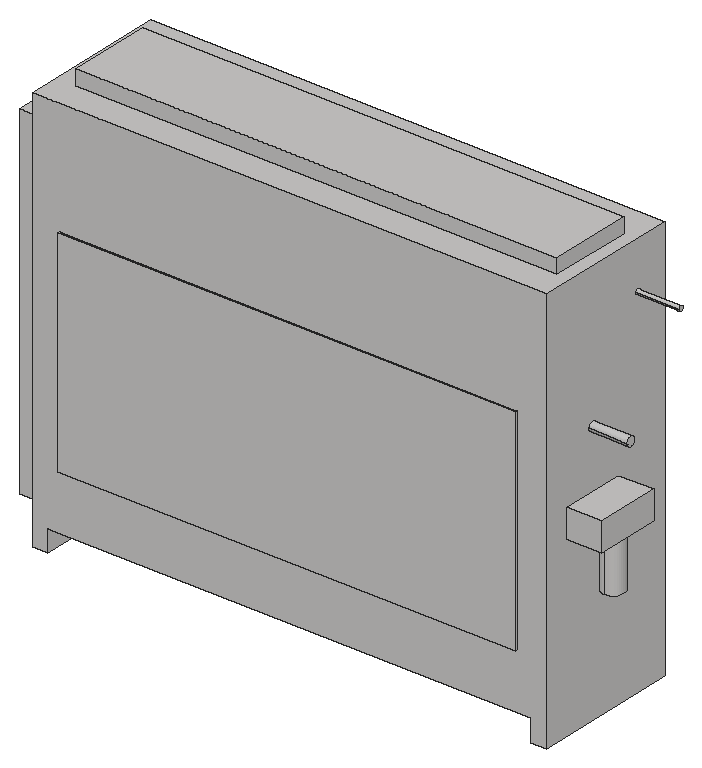
Revit family "Indoor_Unit-VRF-Ductless-JCI-Floor_Concealed-0.5_1.3Ton-208_230V", category Mechanical Equipment, Revit 2013
Parameters (values of type "0.5 Ton - 208V /1PH 60Hz")
  Width = 33 3/8"
  Voltage = 208 V
  URL = "http://www.johnsoncontrols.com"
  Type Comments = "0.5 Ton Unit - 208V"
  Sound Pressure Level = "35 dB"
  Show Clearance [instance] = no
  Refrigerant Used = "R410A"  # constant formula
  Product Page URL = "http://www.johnsoncontrols.com/content/us/en/products/building_efficiency/products-and-systems/integrated_hvac_systems/Industrial___Commercial_HVAC_Equipment/Variable_Refrigerant_Flow_Systems_.html"
  Product Documentation Link = "http://www.johnsoncontrols.com/content/dam/WWW/jci/be/integrated_hvac_systems/hvac_equipment/variable_refrigerant/Catalog%202015%20VRF%20catalog_012115_D_FNL.pdf"
  Power Factor = 1
  Pipe Right Offset Liquid = 3 5/16"  # constant formula
  Pipe Right Offset Gas = 3"  # constant formula
  Pipe Right Offset Drain = 1 1/4"  # constant formula
  Pipe Height Inset Liquid = 20 13/16"  # constant formula
  Pipe Height Inset Gas = 15 1/4"  # constant formula
  Pipe Height Inset Drain = 10 1/4"  # constant formula
  Pipe Front Inset Liquid = 2"  # constant formula
  Pipe Front Inset Gas = 5 1/4"  # constant formula
  Pipe Front Inset Drain = 5 1/4"  # constant formula
  Phase = 1
  Nominal Heating Capacity = 6700.0 Btu/h
  Nominal Cooling Capacity = 6000.0 Btu/h
  Net Weight = 42.00 lbf
  Model = "TIF006B21S"
  Minimum Circuit Ampacity = 0.3 A
  Manufacturer = "Johnson Controls Inc."  # constant formula
  Liquid Line Radius = Liquid Connection Diameter / 2  # 1/8"
  Liquid Connection Diameter = 1/4"
  Height = 24 13/32"
  Heating Nominal Input Power = 0 W
  Gas Line Radius = Gas Connection Diameter / 2  # 1/4"
  Gas Connection Diameter = 1/2"
  Full Load Current = 0 A
  Frequency = 60 Hz  # constant formula
  Frame Finish = Metal - JCI - Steel - Galvanized - 18ga
  Drain Pipe Radius = Drain Connection Size / 2  # 5/8"
  Drain Connection Size = 1 1/4"  # constant formula
  Description = "VRF Indoor Floor Concealed"  # constant formula
  Depth = 8 21/32"
  Copyright © = "2015 Johnson Controls Inc."  # constant formula
  Cooling Nominal Input Power = 0 W
  Condensate Drain Flow = 0 GPM
  Clearance Offset Top [instance] = 39 3/8"
  Clearance Offset Right [instance] = 9 7/16"
  Clearance Offset Left [instance] = 9 7/16"
  Clearance Offset Front [instance] = 0"
  Clearance Offset Bottom [instance] = 0"
  Clearance Offset Back [instance] = 0"
  Apparent Load = Voltage * Full Load Current  # 0 VA
  Air Flow Rate = 300 CFM
Reference planes (in)
  plane 1 "Center (Front/Back)": y = 0
  plane 2: z = 0
  plane 3 "Center (Left/Right)": x = 0.21875
  plane 4 "Back": y = 4.32812
  plane 5 "Front": y = -4.32813
  plane 6 "Left": x = -14.84375
  plane 7 "Right": x = 14.84375
  plane 8 "Bottom": z = 0
  plane 9 "Air Outlet Top": z = 24.40625
  plane 10 "Clearance Offset Back": y = 4.32813
  plane 11 "Clearance Offset Front": y = -4.32813
  plane 12 "Clearance Offset Right": x = 24.28125
  plane 13 "Clearance Offset Left": x = -24.28125
  plane 14 "Clearance Offset Top": z = 63.78125
  plane 15 "Clearance Offset Bottom": z = 0
  plane 16 "Electric Box Back": y = 4.07812
  plane 17 "Liquid F/B": y = 2.32812
  plane 18 "Gas F/B": y = -0.92188
  plane 19 "Drain  F/B": y = -0.92188
  plane 20 "Gas Right": x = 17.09375
  plane 21 "Drain Right": x = 16.09375
  plane 22 "Liquid Right": x = 17.40625
  plane 23 "Gas T/B": z = 15.25
  plane 24 "Drain T": z = 10.25
  plane 25 "Return Air Bottom": z = 4.5
  plane 26 "Liquid T/B": z = 20.8125
  plane 27 "Return Air Top": z = 16.875
  plane 28 "Supply Air Left": x = -13.71875
  plane 29 "Supply Air Right": x = 14.09375
  plane 30 "Air Inlet Bottom": z = 1.8125
  plane 31 "Air Inlet Top": z = 4.0625
  plane 32 "Air Inlet Left": x = -13.28125
  plane 33 "Air Inlet Right": x = 13.15625
  plane 34 "Drain Pan Right": x = 16.90625
  plane 35 "Electric Box Front": y = -3.27021
  plane 36 "Electrical Box Left": x = -16.46875
  plane 37 "Top": z = 23.53125
  plane 38 "Bottom Inset": z = 1.25
  plane 39 "Left Inset": x = -13.96875
  plane 40 "Right Inset": x = 13.96875
  plane 41 "Back Inset": y = 2.32812
  plane 42 "Front Inset": y = -2.48438
  plane 43: y = -4.20313
  plane 44 "Electrical Box Top": z = 21.78125
  plane 45 "Drain B": z = 7.25
Forms (in)
  Extrusion 1, solid, material "Clearance", visible <- "Show Clearance"
    sketch origin (0.66404, -0.08612, 0) x (-1, 0, 0) y (0, -1, 0)
      loop
        line (24.94529, -4.41425) -> (24.94529, 4.242) -> (-23.61721, 4.242) -> (-23.61721, -4.41425) -> (24.94529, -4.41425)
    from 0 to 63.78125
  Extrusion 2, solid, material "Metal - JCI - Steel - Galvanized - 18ga" <- "Frame Finish"
    sketch origin (0, 12.97358, 0) x (1, 0, 0) y (0, 0, 1)
      loop
        line (-14.84375, 23.53125) -> (-14.84375, 0) -> (-13.96875, 0) -> (-13.96875, 1.25) -> (13.96875, 1.25) -> (13.96875, 0) -> (14.84375, 0) -> (14.84375, 23.53125) -> (-14.84375, 23.53125)
    from 8.64545 to 17.1767
  Sweep 3, solid, material "Metal - JCI - Steel - Galvanized - 18ga" <- "Frame Finish"
    path origin (0, 0, 20.8125) x (-1, 0, 0) y (0, -1, 0)
      loop
        line (-14.84375, -2.32812) -> (-17.40625, -2.32812)
    profile origin (16.125, 2.32812, 20.8125) x (0, 1, 0) y (0, 0, 1)
      loop
        circle (0, 0) r 0.125
  Sweep 4, solid, material "Metal - JCI - Steel - Galvanized - 18ga" <- "Frame Finish"
    path origin (0, 0, 15.25) x (-1, 0, 0) y (0, -1, 0)
      loop
        line (-14.84375, 0.92188) -> (-17.09375, 0.92188)
    profile origin (15.96875, -0.92188, 15.25) x (0, 1, 0) y (0, 0, 1)
      loop
        circle (0, 0) r 0.25
  Sweep 5, solid, material "Metal - JCI - Steel - Galvanized - 18ga" <- "Frame Finish"
    path origin (0, 0, 10.25) x (-1, 0, 0) y (0, -1, 0)
      loop
        line (-14.84375, 0.92188) -> (-16.90625, 0.92188)
    profile origin (15.875, -0.92188, 10.25) x (0, 1, 0) y (0, 0, 1)
      loop
        line (-1.875, 1.625) -> (-1.875, 0) -> (1.875, 0) -> (1.875, 1.625) -> (-1.875, 1.625)
  Extrusion 6, solid, material "Metal - JCI - Steel - Galvanized - 18ga" <- "Frame Finish"
    sketch origin (0, 0, 20.8125) x (-1, 0, 0) y (0, -1, 0)
      loop
        line (14.84375, -4.07812) -> (16.34375, -4.07812) -> (16.34375, 3.27021) -> (14.84375, 3.27021) -> (14.84375, -4.07812)
    from -19 to 0.96875
  Extrusion 7, solid, material "Metal - JCI - Steel - Galvanized - 18ga" <- "Frame Finish"
    sketch origin (-1.25, 9.41108, 0) x (1, 0, 0) y (0, 0, 1)
      loop
        line (-12.46875, 24.40625) -> (-12.46875, 23.53125) -> (15.34375, 23.53125) -> (15.34375, 24.40625) -> (-12.46875, 24.40625)
    from 7.08295 to 11.89545
  Extrusion 8, solid, material "Metal - JCI - Steel - Galvanized - 18ga" <- "Frame Finish"
    sketch origin (-2.75, 2.41108, 0) x (1, 0, 0) y (0, 0, 1)
      loop
        line (-10.53125, 16.875) -> (-10.53125, 4.5) -> (15.90625, 4.5) -> (15.90625, 16.875) -> (-10.53125, 16.875)
    from 6.6142 to 6.7392
  Sweep 9, solid, material "Metal - JCI - Steel - Galvanized - 18ga" <- "Frame Finish"
    path origin (0, -0.92188, 0) x (-1, 0, 0) y (0, 0, 1)
      loop
        line (-16.09375, 10.25) -> (-16.09375, 7.25)
    profile origin (16.09375, -0.92188, 8.75) x (0, -1, 0) y (1, 0, 0)
      loop
        circle (0, 0) r 0.625
Lines and regions (in)
  Masking region 1
    outline origin (0, 0, 20.8125) x (-1, 0, 0) y (0, -1, 0)
      loop
        line (14.84375, -4.32812) -> (14.84375, 4.20313) -> (-14.84375, 4.20313) -> (-14.84375, -4.32812) -> (14.84375, -4.32812)
  Masking region 2, detail levels fine
    outline origin (2.25, 0.5, 20.8125) x (-1, 0, 0) y (0, -1, 0)
      loop
        line (-12.59375, -1.95312) -> (-12.59375, -1.70312) -> (-15.15625, -1.70312) -> (-15.15625, -1.95312) -> (-12.59375, -1.95312)
  Masking region 3
    outline origin (8.5, -5.25, 20.8125) x (-1, 0, 0) y (0, -1, 0)
      loop
        line (23.34375, -9.32812) -> (24.84375, -9.32812) -> (24.84375, -1.97979) -> (23.34375, -1.97979) -> (23.34375, -9.32812)
  Masking region 4, detail levels fine
    outline origin (0, 0, 15.25) x (-1, 0, 0) y (0, -1, 0)
      loop
        line (-14.84375, 0.67188) -> (-14.84375, 1.17188) -> (-17.09375, 1.17188) -> (-17.09375, 0.67188) -> (-14.84375, 0.67188)
  Masking region 5
    outline origin (0, 0, 10.25) x (-1, 0, 0) y (0, -1, 0)
      loop
        line (-14.84375, -0.95312) -> (-14.84375, 2.79688) -> (-16.90625, 2.79688) -> (-16.90625, -0.95312) -> (-14.84375, -0.95312)
  model lines, detail levels coarse+medium
    curve 1: line (14.84375, 2.32812, 20.8125) -> (17.40625, 2.32812, 20.8125)
    curve 2: line (14.84375, -0.92188, 15.25) -> (17.09375, -0.92188, 15.25)
  model lines, style "Clearance", visible <- "Show Clearance"
    curve 3: line (24.28125, -4.32813, 63.78125) -> (-24.28125, -4.32813, 63.78125)
    curve 4: line (-24.28125, -4.32813, 63.78125) -> (-24.28125, -4.32813, 0)
    curve 5: line (-24.28125, -4.32813, 0) -> (24.28125, -4.32813, 0)
    curve 6: line (24.28125, -4.32813, 0) -> (24.28125, -4.32813, 63.78125)
    curve 7: line (24.28125, 4.32812, 0) -> (-24.28125, 4.32812, 0)
    curve 8: line (-24.28125, 4.32812, 0) -> (-24.28125, 4.32812, 63.78125)
    curve 9: line (-24.28125, 4.32812, 63.78125) -> (24.28125, 4.32812, 63.78125)
    curve 10: line (24.28125, 4.32812, 63.78125) -> (24.28125, 4.32812, 0)
    curve 11: line (-24.28125, -4.32813, 63.78125) -> (-24.28125, 4.32812, 63.78125)
    curve 12: line (-24.28125, 4.32812, 0) -> (-24.28125, -4.32813, 0)
    curve 13: line (24.28125, 4.32812, 63.78125) -> (24.28125, -4.32813, 63.78125)
    curve 14: line (24.28125, -4.32813, 0) -> (24.28125, 4.32812, 0)
  symbolic lines, detail levels medium+fine
    curve 15: line (-13.71875, 2.32812, 24.40625) -> (14.09375, 2.32812, 24.40625)
    curve 16: line (-13.71875, -2.48438, 24.40625) -> (-13.71875, 2.32812, 24.40625)
    curve 17: line (14.09375, -2.48438, 24.40625) -> (-13.71875, -2.48438, 24.40625)
    curve 18: line (14.09375, 2.32812, 24.40625) -> (14.09375, -2.48438, 24.40625)
Dimensions and locks (in)
  "Width": plane 36 "Electrical Box Left" to plane 34 "Drain Pan Right"
  "Depth": plane 4 "Back" to plane 5 "Front"
  "Height": plane 9 "Air Outlet Top" to plane 8 "Bottom"
  "Clearance Offset Bottom": plane 8 "Bottom" to plane 15 "Clearance Offset Bottom"
  "Clearance Offset Back": plane 10 "Clearance Offset Back" to plane 4 "Back"
  "Clearance Offset Front": plane 11 "Clearance Offset Front" to plane 5 "Front"
  "Clearance Offset Left": plane 13 "Clearance Offset Left" to plane 6 "Left"
  "Clearance Offset Right": plane 7 "Right" to plane 12 "Clearance Offset Right"
  "Clearance Offset Top": plane 14 "Clearance Offset Top" to plane 9 "Air Outlet Top"
  equal spacing: plane 5 "Front", plane 1 "Center (Front/Back)", plane 4 "Back"
  equal spacing: plane 36 "Electrical Box Left", plane 3 "Center (Left/Right)", plane 34 "Drain Pan Right"
  locked: plane 30 "Air Inlet Bottom" to plane 8 "Bottom" at 1.8125
  locked: plane 31 "Air Inlet Top" to plane 30 "Air Inlet Bottom" at 2.25
  locked: plane 27 "Return Air Top" to plane 25 "Return Air Bottom" at 12.375
  "Pipe Right Offset Liquid": plane 29 "Supply Air Right" to plane 22 "Liquid Right"
  "Pipe Right Offset Gas": plane 29 "Supply Air Right" to plane 20 "Gas Right"
  "Pipe Right Offset Drain": plane 7 "Right" to plane 21 "Drain Right"
  "Pipe Front Inset Liquid": plane 17 "Liquid F/B" to plane 4 "Back"
  "Pipe Front Inset Gas": plane 18 "Gas F/B" to plane 4 "Back"
  "Pipe Front Inset Drain": plane 19 "Drain  F/B" to plane 4 "Back"
  "Pipe Height Inset Drain": plane 24 "Drain T" to plane 8 "Bottom"
  "Pipe Height Inset Gas": plane 23 "Gas T/B" to plane 8 "Bottom"
  "Pipe Height Inset Liquid": plane 26 "Liquid T/B" to plane 8 "Bottom"
  locked: plane 7 "Right" to plane 34 "Drain Pan Right" at 2.0625
  locked: plane 35 "Electric Box Front" to plane 16 "Electric Box Back" at 7.34833
  locked: plane 4 "Back" to plane 16 "Electric Box Back" at 0.25
  locked: plane 36 "Electrical Box Left" to plane 6 "Left" at 1.625
  plane 6 "Left" to plane 7 "Right" = 29 11/16"
  locked: plane 9 "Air Outlet Top" to plane 37 "Top" at 0.875
  locked: plane 25 "Return Air Bottom" to plane 8 "Bottom" at 4.5
  locked: plane 38 "Bottom Inset" to plane 8 "Bottom" at 1.25
  locked: plane 6 "Left" to plane 39 "Left Inset" at 0.875
  locked: plane 7 "Right" to plane 40 "Right Inset" at 0.875
  locked: plane 42 "Front Inset" to plane 41 "Back Inset" at 4.8125
  locked: plane 4 "Back" to plane 41 "Back Inset" at 2
  plane 29 "Supply Air Right" to plane 34 "Drain Pan Right" = 2 13/16"
  locked: plane 36 "Electrical Box Left" to plane 28 "Supply Air Left" at 2.75
  plane 28 "Supply Air Left" to plane 29 "Supply Air Right" = 27 13/16"
  locked: plane 34 "Drain Pan Right" to plane 33 "Air Inlet Right" at 3.75
  locked: plane 36 "Electrical Box Left" to plane 32 "Air Inlet Left" at 3.1875
  locked: plane 8 "Bottom" to plane 2 at 0
  plane 5 "Front" to plane 43 = 1/8"
  locked: plane 9 "Air Outlet Top" to plane 44 "Electrical Box Top" at 2.625
  locked: Sweep 5 sketch curve to Sweep 5 sketch curve at 3.75
  locked: plane 24 "Drain T" to plane 45 "Drain B" at 3
  "Liquid Line Radius": radius of Sweep 3 sketch curve
  "Gas Line Radius": radius of Sweep 4 sketch curve
  "Drain Pipe Radius": radius of Sweep 9 sketch curve
  aligned and locked: level to plane 2
  aligned and locked: plane 13 "Clearance Offset Left" to Extrusion 1
  aligned and locked: plane 12 "Clearance Offset Right" to Extrusion 1
  aligned and locked: Extrusion 1 to plane 11 "Clearance Offset Front"
  aligned and locked: plane 10 "Clearance Offset Back" to Extrusion 1
  aligned and locked: plane 14 "Clearance Offset Top" to Extrusion 1
  aligned and locked: Extrusion 1 to plane 15 "Clearance Offset Bottom"
  aligned and locked: Extrusion 2 sketch curve to plane 7 "Right"
  aligned and locked: plane 8 "Bottom" to Extrusion 2 sketch curve  (x2)
  aligned and locked: Extrusion 2 sketch curve to plane 6 "Left"
  aligned and locked: plane 7 "Right" to Sweep 3 sketch curve
  aligned and locked: plane 22 "Liquid Right" to Sweep 3 sketch curve
  aligned and locked: plane 17 "Liquid F/B" to Sweep 3 sketch curve  (x2)
  aligned and locked: plane 26 "Liquid T/B" to Sweep 3 sketch curve
  aligned and locked: plane 23 "Gas T/B" to Sweep 4 sketch curve
  aligned and locked: Masking region 1 sketch curve to plane 7 "Right"
  aligned and locked: Masking region 1 sketch curve to plane 6 "Left"
  aligned and locked: Masking region 2 sketch curve to plane 22 "Liquid Right"
  aligned and locked: plane 7 "Right" to Masking region 2 sketch curve
  aligned and locked: Masking region 2 sketch curve to Sweep 3  (x2)
  aligned and locked: plane 7 "Right" to Sweep 5 sketch curve
  aligned and locked: plane 19 "Drain  F/B" to Sweep 5 sketch curve
  aligned and locked: plane 18 "Gas F/B" to Sweep 4 sketch curve  (x2)
  aligned and locked: plane 7 "Right" to Sweep 4 sketch curve
  aligned and locked: plane 20 "Gas Right" to Sweep 4 sketch curve
  aligned and locked: Masking region 1 sketch curve to plane 4 "Back"
  aligned and locked: plane 4 "Back" to Extrusion 2
  aligned and locked: plane 16 "Electric Box Back" to Extrusion 6 sketch curve
  aligned and locked: Extrusion 6 sketch curve to plane 35 "Electric Box Front"
  aligned and locked: plane 16 "Electric Box Back" to Masking region 3 sketch curve
  aligned and locked: Masking region 3 sketch curve to plane 35 "Electric Box Front"
  aligned and locked: plane 18 "Gas F/B" to curve 2
  aligned and locked: plane 7 "Right" to curve 2
  aligned and locked: plane 20 "Gas Right" to curve 2
  aligned and locked: plane 7 "Right" to Masking region 4 sketch curve
  aligned and locked: plane 20 "Gas Right" to Masking region 4 sketch curve
  aligned and locked: Masking region 4 sketch curve to Sweep 4  (x2)
  aligned and locked: plane 7 "Right" to Masking region 5 sketch curve
  aligned and locked: curve 3 to Extrusion 1
  aligned and locked: curve 4 to Extrusion 1
  aligned and locked: curve 5 to Extrusion 1
  aligned and locked: curve 6 to Extrusion 1
  aligned and locked: curve 7 to Extrusion 1
  aligned and locked: curve 8 to Extrusion 1
  aligned and locked: curve 9 to Extrusion 1
  aligned and locked: curve 10 to Extrusion 1
  aligned and locked: curve 11 to Extrusion 1
  aligned and locked: curve 12 to Extrusion 1
  aligned and locked: curve 13 to Extrusion 1
  aligned and locked: curve 14 to Extrusion 1
  aligned and locked: Extrusion 6 sketch curve to plane 6 "Left"
  aligned and locked: Extrusion 2 sketch curve to plane 39 "Left Inset"
  aligned and locked: Extrusion 2 sketch curve to plane 38 "Bottom Inset"
  aligned and locked: Extrusion 2 sketch curve to plane 40 "Right Inset"
  aligned and locked: Extrusion 2 sketch curve to plane 37 "Top"
  aligned and locked: Extrusion 7 to plane 41 "Back Inset"
  aligned and locked: plane 42 "Front Inset" to Extrusion 7
  aligned and locked: Extrusion 7 sketch curve to plane 9 "Air Outlet Top"
  aligned and locked: Extrusion 7 sketch curve to plane 28 "Supply Air Left"
  aligned and locked: Extrusion 7 sketch curve to plane 37 "Top"
  aligned and locked: Extrusion 7 sketch curve to plane 29 "Supply Air Right"
  aligned and locked: plane 43 to Extrusion 2
  aligned and locked: Masking region 1 sketch curve to plane 43
  aligned and locked: Extrusion 8 to plane 43
  aligned and locked: plane 5 "Front" to Extrusion 8
  aligned and locked: Extrusion 8 sketch curve to plane 25 "Return Air Bottom"
  aligned and locked: Extrusion 8 sketch curve to plane 27 "Return Air Top"
  aligned and locked: Extrusion 8 sketch curve to plane 32 "Air Inlet Left"
  aligned and locked: Extrusion 8 sketch curve to plane 33 "Air Inlet Right"
  aligned and locked: Extrusion 6 to plane 30 "Air Inlet Bottom"
  aligned and locked: plane 44 "Electrical Box Top" to Extrusion 6
  aligned and locked: plane 24 "Drain T" to Sweep 5 sketch curve
  aligned and locked: plane 34 "Drain Pan Right" to Sweep 5 sketch curve
  aligned and locked: plane 45 "Drain B" to Sweep 9 sketch curve
  aligned and locked: plane 24 "Drain T" to Sweep 9 sketch curve
  aligned and locked: plane 21 "Drain Right" to Sweep 9 sketch curve  (x2)
  aligned and locked: plane 19 "Drain  F/B" to Sweep 9 sketch curve
  aligned and locked: Masking region 5 sketch curve to Sweep 5  (x2)
  aligned and locked: plane 34 "Drain Pan Right" to Masking region 5 sketch curve
  aligned and locked: plane 41 "Back Inset" to curve 15
  aligned and locked: curve 17 to plane 42 "Front Inset"
  aligned and locked: curve 16 to plane 28 "Supply Air Left"
  aligned and locked: curve 18 to plane 29 "Supply Air Right"
Automatic sketch dimensions
  Extrusion 1 sketch curve to plane 10 "Clearance Offset Back" = 0"
  Extrusion 1 sketch curve to plane 12 "Clearance Offset Right" = 0"
  Extrusion 1 sketch curve to plane 11 "Clearance Offset Front" = 0"
  Extrusion 1 sketch curve to plane 13 "Clearance Offset Left" = 0"
  curve 11 to Extrusion 1 = 0"  (x2)
  curve 12 to Extrusion 1 = 0"  (x2)
  curve 13 to Extrusion 1 = 0"  (x2)
  curve 14 to Extrusion 1 = 0"  (x2)
  plane 6 "Left" to Extrusion 6 sketch curve = 1 1/2"
  Masking region 3 sketch curve to plane 6 "Left" = 0"
  plane 6 "Left" to Masking region 3 sketch curve = 1 1/2"
  profile plane to Sweep 5 sketch curve = 1 7/8"
  plane 24 "Drain T" to Sweep 5 sketch curve = 1 5/8"
  plane 17 "Liquid F/B" to curve 1 = 0"
  curve 1 to plane 22 "Liquid Right" = 0"
  curve 1 to plane 7 "Right" = 0"
Connectors (in)
  piping at (17.40625, 2.32812, 20.8125), driven by "Liquid Line Radius"
    settings: on Sweep 3, index 2, connector radius 1/8", flow factor 0, pipe flow 0 GPM, pressure drop 0.00 psi, fitting loss kfactor 0, connector angle 0.00°, fixture units 0, engagement length 0", flow configuration 0, flow direction 0, fitting loss method 0, system type 29, joint type 0, gender type 0, connector reference index -1, connector utility 0, adjustable connector no, is connector primary yes, fitting loss table "", connector description "Liquid"
  piping at (17.09375, -0.92188, 15.25), driven by "Gas Line Radius"
    settings: on Sweep 4, index 4, connector radius 1/4", flow factor 0, pipe flow 0 GPM, pressure drop 0.00 psi, fitting loss kfactor 0, connector angle 0.00°, fixture units 0, engagement length 0", flow configuration 0, flow direction 0, fitting loss method 0, system type 29, joint type 0, gender type 0, connector reference index -1, connector utility 0, adjustable connector no, is connector primary no, fitting loss table "", connector description "Gas"
  electrical at (-16.34375, 0.40396, 11.79688), driven by "Voltage", driven by "Apparent Load", driven by "Power Factor"
    settings: on Extrusion 6, index 7, voltage 208 V, apparent load 0 VA, apparent load phase1 0 VA, apparent load phase2 0 VA, apparent load phase3 0 VA, power factor 1, load classification "HVAC", number of poles 1, system type 30, power factor state 1, is connector primary yes, connector utility no, sub classification motor no, connector description "Power Supply"
  piping at (16.09375, -0.92188, 7.25), driven by "Drain Pipe Radius", driven by "Condensate Drain Flow"
    settings: on Sweep 9, index 8, connector radius 5/8", flow factor 0, pipe flow 0 GPM, pressure drop 0.00 psi, fitting loss kfactor 0, connector angle 0.00°, fixture units 0, engagement length 0", flow configuration 1, flow direction 2, fitting loss method 0, system type 16, joint type 0, gender type 0, connector reference index -1, connector utility 0, adjustable connector no, is connector primary no, fitting loss table "", connector description "Condensate Drain"
Types in the file's own list only (7): name | Width | Voltage | Type Comments | Sound Pressure Level | Nominal Heating Capacity | Nominal Cooling Capacity | Net Weight | Model | Minimum Circuit Ampacity | Liquid Connection Diameter | Gas Line Radius | Gas Connection Diameter | Drain Connection Size | Air Flow Rate
  0.7 Ton - 208V /1PH 60Hz | 33 3/8" | 208 V | "0.7 Ton Unit - 208V" | "35 dB" | 9000.0 Btu/h | 8000.0 Btu/h | 42.00 lb | "TIFC008B21S" | 0 A | 0" | 1/4" | 1" | 1" | 300 CFM
  1 Ton - 208V /1PH 60Hz | 38 11/32" | 208 V | "1 Ton Unit - 208V" | "38 dB" | 13500.0 Btu/h | 12000.0 Btu/h | 51.00 lb | "TIFC012B21S" | 0 A | 0" | 1/4" | 1" | 1" | 424 CFM
  1.3 Ton - 208V /1PH 60Hz | 48 5/32" | 208 V | "1.3 Ton Unit - 208V" | "39 dB" | 17000.0 Btu/h | 15000.0 Btu/h | 60.00 lb | "TIFC015B21S" | 1 A | 0" | 5/16" | 1" | 1" | 565 CFM
  0.5 Ton - 230V /1PH 60Hz | 33 3/8" | 230 V | "0.5 Ton Unit - 230V" | "35 dB" | 6700.0 Btu/h | 6000.0 Btu/h | 42.00 lb | "TIFC006B21S" | 0 A | 0" | 1/4" | 1" | 1" | 300 CFM
  0.7 Ton - 230V /1PH 60Hz | 33 3/8" | 230 V | "0.7 Ton Unit - 230V" | "35 dB" | 9000.0 Btu/h | 8000.0 Btu/h | 42.00 lb | "TIFC008B21S" | 0 A | 0" | 1/4" | 1" | 1" | 300 CFM
  1 Ton - 230V /1PH 60Hz | 38 11/32" | 230 V | "1 Ton Unit - 230V" | "38 dB" | 13500.0 Btu/h | 12000.0 Btu/h | 51.00 lb | "TIFC012B21S" | 0 A | 0" | 1/4" | 1" | 1" | 424 CFM
  1.3 Ton - 230V /1PH 60Hz | 48 5/32" | 230 V | "1.3 Ton Unit - 230V" | "39 dB" | 17000.0 Btu/h | 15000.0 Btu/h | 60.00 lb | "TIFC015B21S" | 1 A | 0" | 5/16" | 1" | 1" | 565 CFM
